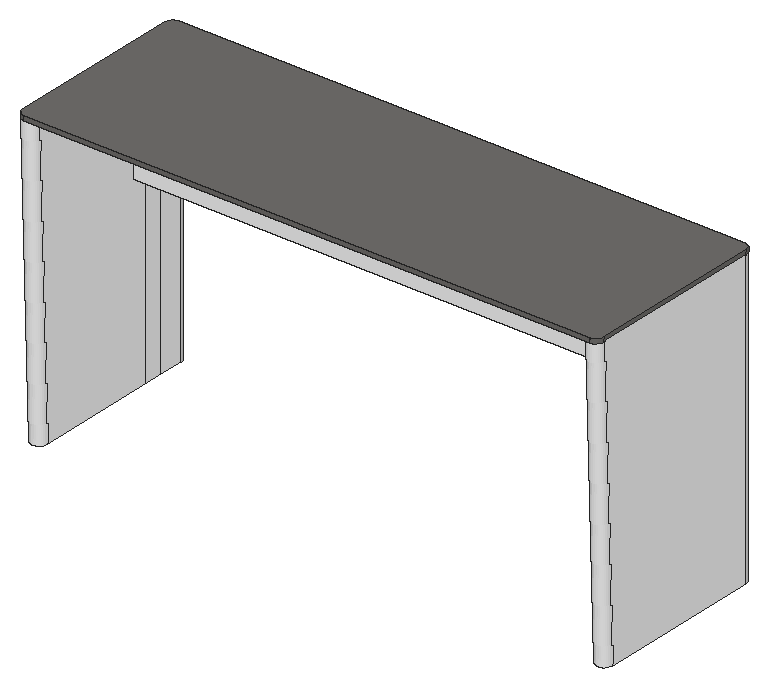
Revit family "Table-Without_Shelf-Teknion-STCRT-Cavu_Parsons_Table-R2014", category Furniture, Revit 2014
Parameters (values of type "72" w x 24" d x 37" h")
  Width = 6' - 0"
  Warranty = "http://www.teknionstudio.com/pdfs/Teknion%20Studio%20Warranty.pdf"
  Unit Weight = 0.00 kip  # constant formula
  URL = "www.teknionstudio.com"
  Table Finish [instance] = Veneer - StudioTK - P7 - Weathered
  Series = "Studio"  # constant formula
  Product Page URL = ""
  Product Line = "Cavu"  # constant formula
  Product Documentation Link = "http://www.teknionstudio.com/pricing/STCRT_ppg.pdf"
  Part Number = "STCRT"  # constant formula
  Model = "STCRT722437NN"
  Manufacturer Phone = "919-464-2920"  # constant formula
  Manufacturer Fax = "919-464-2927"  # constant formula
  Manufacturer Email = "customersupport@teknionstudio.com"
  Manufacturer Address = "3941 US 70 Business HWY West, Clayton, NC 27520"  # constant formula
  Manufacturer = "StudioTK"  # constant formula
  Low Emitting Material = yes
  Low Emitting Finish = yes
  Leg grommet offset = if(Depth = 2' 0", 0' 3", 1' 5 1/2")  # 0' - 3"
  Leg Offset Side B = if(Depth = 2' 0", 0' 1 1/16", 0' 2 5/16")  # 0' - 1 1/16"
  Height = 3' - 1"
  Gable Offset = if(Depth = 2' 0", 1' 3 1/2", 1' 5 1/2")  # 1' - 3 1/2"
  Description = "Cavu Parsons Table, 72\"W / 183cm, 24\"D / 61cm, 37\"H / 94cm, Without Shelf, Without Power"
  Depth = 2' - 0"
  Base Finish [instance] = Metal - StudioTK - V - Painted Very White
  Assembly Code = "E2020200"
Types (12): name | Width | Model | Leg grommet offset | Leg Offset Side B | Height | Gable Offset | Description | Depth
  72" w x 24" d x 37" h | 6' - 0" | "STCRT722437NN" | 0' - 3" | 0' - 1 1/16" | 3' - 1" | 1' - 3 1/2" | "Cavu Parsons Table, 72\"W / 183cm, 24\"D / 61cm, 37\"H / 94cm, Without Shelf, Without Power" | 2' - 0"
  72" w x 24" d x 43" h | 6' - 0" | "STCRT722443NN" | 0' - 3" | 0' - 1 1/16" | 3' - 7" | 1' - 3 1/2" | "Cavu Parsons Table, 72\"W / 183cm, 24\"D / 61cm, 43\"H / 109cm, Without Shelf, Without Power" | 2' - 0"
  72" w x 42" d x 37" h | 6' - 0" | "STCRT724237NN" | 1' - 5 1/2" | 0' - 2 5/16" | 3' - 1" | 1' - 5 1/2" | "Cavu Parsons Table, 72\"W / 183cm, 42\"D / 107cm, 37\"H / 94cm, Without Shelf, Without Power" | 3' - 6"
  72" w x 42" d x 43" h | 6' - 0" | "STCRT724243NN" | 1' - 5 1/2" | 0' - 2 5/16" | 3' - 7" | 1' - 5 1/2" | "Cavu Parsons Table, 72\"W / 183cm, 42\"D / 107cm, 43\"H / 109cm, Without Shelf, Without Power" | 3' - 6"
  95" w x 24" d x 37" h | 7' - 11" | "STCRT952437NN" | 0' - 3" | 0' - 1 1/16" | 3' - 1" | 1' - 3 1/2" | "Cavu Parsons Table, 95\"W / 241cm, 24\"D / 61cm, 37\"H / 94cm, Without Shelf, Without Power" | 2' - 0"
  95" w x 24" d x 43" h | 7' - 11" | "STCRT952443NN" | 0' - 3" | 0' - 1 1/16" | 3' - 7" | 1' - 3 1/2" | "Cavu Parsons Table, 95\"W / 241cm, 24\"D / 61cm, 43\"H / 109cm, Without Shelf, Without Power" | 2' - 0"
  95" w x 42" d x 37" h | 7' - 11" | "STCRT954237NN" | 1' - 5 1/2" | 0' - 2 5/16" | 3' - 1" | 1' - 5 1/2" | "Cavu Parsons Table, 95\"W / 241cm, 42\"D / 107cm, 37\"H / 94cm, Without Shelf, Without Power" | 3' - 6"
  95" w x 42" d x 43" h | 7' - 11" | "STCRT954243NN" | 1' - 5 1/2" | 0' - 2 5/16" | 3' - 7" | 1' - 5 1/2" | "Cavu Parsons Table, 95\"W / 241cm, 42\"D / 107cm, 43\"H / 109cm, Without Shelf, Without Power" | 3' - 6"
  119" w x 24" d x 37" h | 9' - 11" | "STCRT1192437NN" | 0' - 3" | 0' - 1 1/16" | 3' - 1" | 1' - 3 1/2" | "Cavu Parsons Table, 119\"W / 302cm, 24\"D / 61cm, 37\"H / 94cm, Without Shelf, Without Power" | 2' - 0"
  119" w x 24" d x 43" h | 9' - 11" | "STCRT1192443NN" | 0' - 3" | 0' - 1 1/16" | 3' - 7" | 1' - 3 1/2" | "Cavu Parsons Table, 119\"W / 302cm, 24\"D / 61cm, 43\"H / 109cm, Without Shelf, Without Power" | 2' - 0"
  119" w x 42" d x 37" h | 9' - 11" | "STCRT1194237NN" | 1' - 5 1/2" | 0' - 2 5/16" | 3' - 1" | 1' - 5 1/2" | "Cavu Parsons Table, 119\"W / 302cm, 42\"D / 107cm, 37\"H / 94cm, Without Shelf, Without Power" | 3' - 6"
  119" w x 42" d x 43" h | 9' - 11" | "STCRT1194243NN" | 1' - 5 1/2" | 0' - 2 5/16" | 3' - 7" | 1' - 5 1/2" | "Cavu Parsons Table, 119\"W / 302cm, 42\"D / 107cm, 43\"H / 109cm, Without Shelf, Without Power" | 3' - 6"
Reference planes (in)
  plane 1 "Center Front/Back": y = 0
  plane 2: z = 0
  plane 3 "Center Left/Right": x = 0
  plane 4 "Inside Left": x = -33.97
  plane 5 "Inside Right": x = 33.96875
  plane 6 "Front": y = -12
  plane 7 "Back": y = 12
  plane 8 "Left": x = -36
  plane 9 "Right": x = 36
  plane 10 "Top": z = 37
  plane 11 "Center Glable": y = 3.5
  plane 12: y = -3.5
  plane 13 "offset shelf left": x = -15.55469
  plane 14: x = 15.55469
Forms (in)
  Extrusion 1, solid, material "Veneer - StudioTK - P7 - Weathered" <- "Table Finish"
    sketch origin (0, 0, 0) x (1, 0, 0) y (0, 1, 0)
      loop
        arc (-35, 12) -> (-35.70711, 11.70711) -> (-36, 11) r 1
        line (-36, 11) -> (-36, -11)
        arc (-36, -11) -> (-35.70711, -11.70711) -> (-35, -12) r 1
        line (-35, -12) -> (35, -12)
        arc (35, -12) -> (35.70711, -11.70711) -> (36, -11) r 1
        line (36, -11) -> (36, 11)
        arc (36, 11) -> (35.70711, 11.70711) -> (35, 12) r 1
        line (35, 12) -> (-35, 12)
    from 36.5 to 37
  Extrusion 2, solid, material "Metal - StudioTK - V - Painted Very White" <- "Base Finish"
    sketch origin (0, 0, 0) x (1, 0, 0) y (0, 1, 0)
      loop
        line (-34.985, 7.9375) -> (-34.985, 7.8125) -> (-34.095, 7.8125) -> (-34.095, 5.5625) -> (-34.985, 5.5625) -> (-34.985, 5.4375) -> (-33.97, 5.4375) -> (-33.97, 7.9375) -> (-34.985, 7.9375)
    from 0 to 36.5
  Extrusion 3, solid, material "Metal - StudioTK - V - Painted Very White" <- "Base Finish"
    sketch origin (-33.97, 0, 0) x (0, 1, 0) y (0, 0, 1)
      loop
        line (5, 36.5) -> (3.5, 36.5) -> (3.5, 23.63) -> (5, 23.63) -> (5, 23.75109) -> (3.62109, 23.75109) -> (3.62109, 36.37891) -> (5, 36.37891) -> (5, 36.5)
      loop
        line (9, 36.5) -> (9, 36.37891) -> (10.37891, 36.37891) -> (10.37891, 23.75109) -> (9, 23.75109) -> (9, 23.63) -> (10.5, 23.63) -> (10.5, 36.5) -> (9, 36.5)
    from 0 to 67.93875
  Blend 4, solid, material "Metal - StudioTK - V - Painted Very White" <- "Base Finish"
    base sketch origin (-11.375, 0, 0) x (1, 0, 0) y (0, 1, 0)
      loop
        arc (-24.625, -9.7) -> (-23.61, -10.715) -> (-22.595, -9.7) r 1.015
        line (-22.595, -9.7) -> (-22.595, 5.4375) -> (-23.61, 5.4375) -> (-23.61, 7.9375) -> (-22.595, 7.9375) -> (-22.595, 10.9375)
        arc (-22.595, 10.9375) -> (-23.61, 11.9525) -> (-24.625, 10.9375) r 1.015
        line (-24.625, 10.9375) -> (-24.625, -9.7)
    top sketch origin (-11.375, 0, 0) x (1, 0, 0) y (0, 1, 0)
      loop
        line (-24.625, 10.95) -> (-24.625, -10.9)
        arc (-24.625, -10.9) -> (-23.61, -11.915) -> (-22.595, -10.9) r 1.015
        line (-22.595, -10.9) -> (-22.595, 5.4375) -> (-23.61, 5.4375) -> (-23.61, 7.9375) -> (-22.595, 7.9375) -> (-22.595, 10.95)
        arc (-22.595, 10.95) -> (-23.61, 11.965) -> (-24.625, 10.95) r 1.015
    from 0 to 36.5
  Blend 5, solid, material "Metal - StudioTK - V - Painted Very White" <- "Base Finish"
    base sketch origin (11.5, 0, 0) x (-1, 0, 0) y (0, -1, 0)
      loop
        line (-24.5, 9.7) -> (-24.5, -10.9375)
        arc (-24.5, -10.9375) -> (-23.485, -11.9525) -> (-22.47, -10.9375) r 1.015
        line (-22.47, -10.9375) -> (-22.47, -7.9375) -> (-23.485, -7.9375) -> (-23.485, -5.4375) -> (-22.47, -5.4375) -> (-22.47, 9.7)
        arc (-22.47, 9.7) -> (-23.485, 10.715) -> (-24.5, 9.7) r 1.015
    top sketch origin (11.5, 0, 0) x (-1, 0, 0) y (0, -1, 0)
      loop
        arc (-24.5, -10.95) -> (-23.485, -11.965) -> (-22.47, -10.95) r 1.015
        line (-22.47, -10.95) -> (-22.47, -7.9375) -> (-23.485, -7.9375) -> (-23.485, -5.4375) -> (-22.47, -5.4375) -> (-22.47, 10.9)
        arc (-22.47, 10.9) -> (-23.485, 11.915) -> (-24.5, 10.9) r 1.015
        line (-24.5, 10.9) -> (-24.5, -10.95)
    from 0 to 36.5
  Extrusion 6, solid, material "Metal - StudioTK - V - Painted Very White" <- "Base Finish"
    sketch origin (0, 0, 0) x (-1, 0, 0) y (0, -1, 0)
      loop
        line (-34.985, -7.9375) -> (-33.96875, -7.9375) -> (-33.96875, -5.4375) -> (-34.985, -5.4375) -> (-34.985, -5.5625) -> (-34.09375, -5.5625) -> (-34.09375, -7.8125) -> (-34.985, -7.8125) -> (-34.985, -7.9375)
    from 0 to 36.5
Lines and regions (in)
  Masking region 1
    outline origin (0, 0, 0) x (1, 0, 0) y (0, 1, 0)
      loop
        arc (-35, 12) -> (-35.70711, 11.70711) -> (-36, 11) r 1
        line (-36, 11) -> (-36, -11)
        arc (-36, -11) -> (-35.70711, -11.70711) -> (-35, -12) r 1
        line (-35, -12) -> (35, -12)
        arc (35, -12) -> (35.70711, -11.70711) -> (36, -11) r 1
        line (36, -11) -> (36, 11)
        arc (36, 11) -> (35.70711, 11.70711) -> (35, 12) r 1
        line (35, 12) -> (-35, 12)
  symbolic lines, style "FurnitureHiddenLines", detail levels medium+fine
    curve 1: arc (-33.97, 10.95, 0) -> (-34.985, 11.965, 0) -> (-36, 10.95, 0) r 1.015
    curve 2: line (-33.97, 7.9375, 0) -> (-33.97, 10.95, 0)
    curve 3: line (-34.985, 7.9375, 0) -> (-33.97, 7.9375, 0)
    curve 4: line (-34.985, 5.4375, 0) -> (-34.985, 7.9375, 0)
    curve 5: line (-33.97, 5.4375, 0) -> (-34.985, 5.4375, 0)
    curve 6: line (-33.97, -10.9, 0) -> (-33.97, 5.4375, 0)
    curve 7: arc (-36, -10.9, 0) -> (-34.985, -11.915, 0) -> (-33.97, -10.9, 0) r 1.015
    curve 8: line (-36, 10.95, 0) -> (-36, -10.9, 0)
    curve 9: arc (36, 10.9375, 0) -> (34.985, 11.9525, 0) -> (33.97, 10.9375, 0) r 1.015
    curve 10: arc (33.97, -10.9, 0) -> (34.985, -11.915, 0) -> (36, -10.9, 0) r 1.015
    curve 11: line (33.97, 5.4375, 0) -> (33.97, -10.9, 0)
    curve 12: line (34.985, 5.4375, 0) -> (33.97, 5.4375, 0)
    curve 13: line (34.985, 7.9375, 0) -> (34.985, 5.4375, 0)
    curve 14: line (33.97, 7.9375, 0) -> (34.985, 7.9375, 0)
    curve 15: line (33.97, 10.9375, 0) -> (33.97, 7.9375, 0)
    curve 16: line (36, -10.9, 0) -> (36, 10.9375, 0)
    curve 25: line (-33.97, 9, 0) -> (33.96875, 9, 0)
    curve 26: line (33.96875, 5, 0) -> (-33.97, 5, 0)
    curve 27: line (33.96875, 10.5, 0) -> (-33.97, 10.5, 0)
    curve 28: line (-33.97, 3.5, 0) -> (33.96875, 3.5, 0)
  symbolic lines, style "FurnitureHiddenLines", detail levels fine
    curve 17: line (33.96875, 7.9375, 0) -> (33.96875, 5.4375, 0)
    curve 18: line (34.985, 5.5625, 0) -> (34.09375, 5.5625, 0)
    curve 19: line (34.09375, 5.5625, 0) -> (34.09375, 7.8125, 0)
    curve 20: line (34.09375, 7.8125, 0) -> (34.985, 7.8125, 0)
    curve 21: line (-34.985, 7.8125, 0) -> (-34.095, 7.8125, 0)
    curve 22: line (-34.095, 7.8125, 0) -> (-34.095, 5.5625, 0)
    curve 23: line (-34.095, 5.5625, 0) -> (-34.985, 5.5625, 0)
    curve 24: line (-33.97, 5.4375, 0) -> (-33.97, 7.9375, 0)
Dimensions and locks (in)
  equal spacing: plane 7 "Back", plane 1 "Center Front/Back", plane 6 "Front"
  "Depth": plane 7 "Back" to plane 6 "Front"
  "Width": plane 8 "Left" to plane 9 "Right"
  equal spacing: plane 8 "Left", plane 3 "Center Left/Right", plane 9 "Right"
  plane 8 "Left" to plane 4 "Inside Left" = 0' - 2.03"
  locked: plane 5 "Inside Right" to plane 9 "Right" at 2.03125
  "Height": plane 10 "Top" to level
  locked: plane 10 "Top" to Extrusion 1 at 0.5
  locked: Extrusion 2 sketch curve to Extrusion 2 sketch curve at 0.125
  locked: Extrusion 3 sketch curve to plane 11 "Center Glable" at 1.5  (x2)
  locked: Extrusion 3 sketch curve to plane 11 "Center Glable" at 0.12109
  locked: Extrusion 3 sketch curve to Extrusion 3 sketch curve at 0.12109  (x2)
  locked: Extrusion 3 sketch curve to Extrusion 3 sketch curve at 4  (x2)
  locked: Extrusion 3 sketch curve to Extrusion 3 sketch curve at 1.37891
  locked: Blend 4 sketch curve to Blend 4 sketch curve at 2.03
  Blend 4 sketch curve to Blend 4 sketch curve = 0' - 1.015"
  locked: Blend 4 sketch curve to Blend 4 sketch curve at 2.5
  locked: Blend 4 sketch curve to Blend 4 sketch curve at 1.015
  "Gable Offset": plane 11 "Center Glable" to plane 6 "Front"
  locked: Blend 5 sketch curve to Blend 5 sketch curve at 2.03
  Blend 5 sketch curve to Blend 5 sketch curve = 0' - 1.015"
  locked: Blend 5 sketch curve to Blend 5 sketch curve at 2.5
  locked: Blend 5 sketch curve to Blend 5 sketch curve at 1.015
  locked: Extrusion 6 sketch curve to Extrusion 6 sketch curve at 0.125  (x2)
  locked: plane 5 "Inside Right" to Extrusion 6 sketch curve at 0.125
  "Leg Offset Side B": plane 7 "Back" to Blend 4 sketch curve
  "Leg Offset Side B": plane 7 "Back" to Blend 5 sketch curve
  plane 7 "Back" to plane 6 "Front" = 2' - 0"
  "Gable Offset": plane 7 "Back" to plane 12
  locked: plane 8 "Left" to plane 13 "offset shelf left" at 20.44531
  locked: plane 14 to plane 9 "Right" at 20.44531
  "Leg grommet offset": Blend 4 sketch curve to Blend 4 sketch curve
  "Leg grommet offset": Blend 5 sketch curve to Blend 5 sketch curve
  Extrusion 2 sketch curve to Extrusion 2 sketch curve to Extrusion 2 sketch curve to Extrusion 2 sketch curve = 0' - 0 1/8" locked, 0' - 2 1/4" locked, 0' - 0 1/8" locked
  locked: Extrusion 2 sketch curve to Extrusion 2 sketch curve at 1.015  (x2)
  locked: plane 10 "Top" to Extrusion 3 at 0.5  (x2)
  aligned and locked: level to plane 2
  aligned and locked: Masking region 1 sketch curve to Extrusion 1  (x4)
  aligned and locked: Extrusion 1 sketch curve to plane 7 "Back"
  aligned and locked: plane 6 "Front" to Extrusion 1 sketch curve
  aligned and locked: Extrusion 1 to plane 8 "Left"
  aligned and locked: Extrusion 1 sketch curve to plane 9 "Right"
  aligned and locked: plane 10 "Top" to Extrusion 1
  aligned and locked: Extrusion 2 sketch curve to plane 4 "Inside Left"
  aligned and locked: Extrusion 2 to plane 2
  aligned and locked: Extrusion 3 sketch curve to plane 11 "Center Glable"
  aligned and locked: Extrusion 3 sketch curve to Extrusion 3 sketch curve  (x4)
  aligned and locked: Extrusion 3 to plane 4 "Inside Left"
  aligned and locked: plane 5 "Inside Right" to Extrusion 3
  aligned and locked: Blend 4 sketch curve to Blend 4 sketch curve
  aligned and locked: Blend 4 to plane 8 "Left"
  aligned and locked: plane 4 "Inside Left" to Blend 4
  aligned and locked: Blend 5 sketch curve to Blend 5 sketch curve
  aligned and locked: plane 9 "Right" to Extrusion 1
  aligned and locked: Extrusion 6 sketch curve to Blend 5  (x4)
  aligned and locked: Extrusion 6 sketch curve to plane 5 "Inside Right"
  aligned and locked: Blend 4 sketch curve to var sketch  (x2)
  aligned and locked: Blend 5 sketch curve to var sketch  (x2)
  aligned and locked: Extrusion 2 to Blend 4
  aligned and locked: Blend 4 to Extrusion 1
  aligned and locked: Extrusion 1 to Blend 4  (x10)
  aligned and locked: Blend 5 to Extrusion 1
  aligned and locked: Extrusion 2 to Extrusion 1
  aligned and locked: Extrusion 6 to Extrusion 1
  aligned and locked: curve 2 to Blend 4
  aligned and locked: curve 3 to Blend 4
  aligned and locked: curve 4 to Blend 4
  aligned and locked: Blend 4 to curve 5
  aligned and locked: curve 7 to Blend 4
  aligned and locked: curve 10 to Blend 5
  aligned and locked: curve 11 to Blend 5
  aligned and locked: curve 12 to Blend 5
  aligned and locked: curve 13 to Blend 5
  aligned and locked: curve 14 to Blend 5
  aligned and locked: Blend 5 to curve 15
  aligned and locked: curve 17 to Extrusion 6
  aligned and locked: curve 18 to Extrusion 6
  aligned and locked: curve 19 to Extrusion 6
  aligned and locked: curve 20 to Extrusion 6
  aligned and locked: Extrusion 2 to curve 21
  aligned and locked: curve 22 to Extrusion 2
  aligned and locked: curve 23 to Extrusion 2
  aligned and locked: curve 24 to Extrusion 2
  aligned and locked: Extrusion 3 to curve 25
  aligned and locked: curve 26 to Extrusion 3
  aligned and locked: curve 27 to Extrusion 3
  aligned and locked: Extrusion 3 to curve 28
  aligned and locked: curve 1 to Blend 4
  aligned and locked: Blend 4 to plane 2
  aligned and locked: plane 2 to Blend 4  (x3)
  aligned and locked: Blend 5 to plane 2
  aligned and locked: plane 2 to Blend 5  (x2)
  aligned and locked: Extrusion 6 to plane 2
Automatic sketch dimensions
  Extrusion 1 sketch curve to plane 8 "Left" = 0' - 0"
  plane 8 "Left" to Extrusion 1 sketch curve = 0' - 1"  (x2)
  Extrusion 1 sketch curve to Extrusion 1 sketch curve = 0' - 1"
  Extrusion 1 sketch curve to plane 9 "Right" = 0' - 1"
  Extrusion 2 sketch curve to plane 1 "Center Front/Back" = 0' - 7 13/16"
  Extrusion 3 sketch curve to plane 10 "Top" = 1' - 1.37"
  Extrusion 3 sketch curve to plane 10 "Top" = 0' - 0 159/256"
  Extrusion 3 sketch curve to Extrusion 3 sketch curve = 0' - 0 31/256"
  plane 8 "Left" to Blend 4 sketch curve = 0' - 0"  (x2)
  plane 4 "Inside Left" to Blend 4 sketch curve = 0' - 0"  (x2)
  plane 6 "Front" to Blend 4 sketch curve = 0' - 1.1"
  Blend 4 sketch curve to plane 7 "Back" = 0' - 1.05"
  Blend 5 sketch curve to plane 9 "Right" = 0' - 0"  (x2)
  plane 9 "Right" to Blend 5 sketch curve = 0' - 1.015"  (x2)
  Blend 5 sketch curve to plane 6 "Front" = 0' - 1.1"
  plane 7 "Back" to Blend 5 sketch curve = 0' - 1.05"
  plane 6 "Front" to Blend 4 sketch curve = 0' - 2.3"
  Blend 5 sketch curve to plane 6 "Front" = 0' - 2.3"
  curve 9 to plane 7 "Back" = 0' - 1 1/16"
  curve 17 to curve 14 = 0' - 0"
  curve 17 to curve 11 = 0' - 0"
  curve 25 to plane 5 "Inside Right" = 0' - 0"
  curve 26 to plane 5 "Inside Right" = 0' - 0"
  curve 27 to plane 5 "Inside Right" = 0' - 0"
  curve 28 to plane 5 "Inside Right" = 0' - 0"
